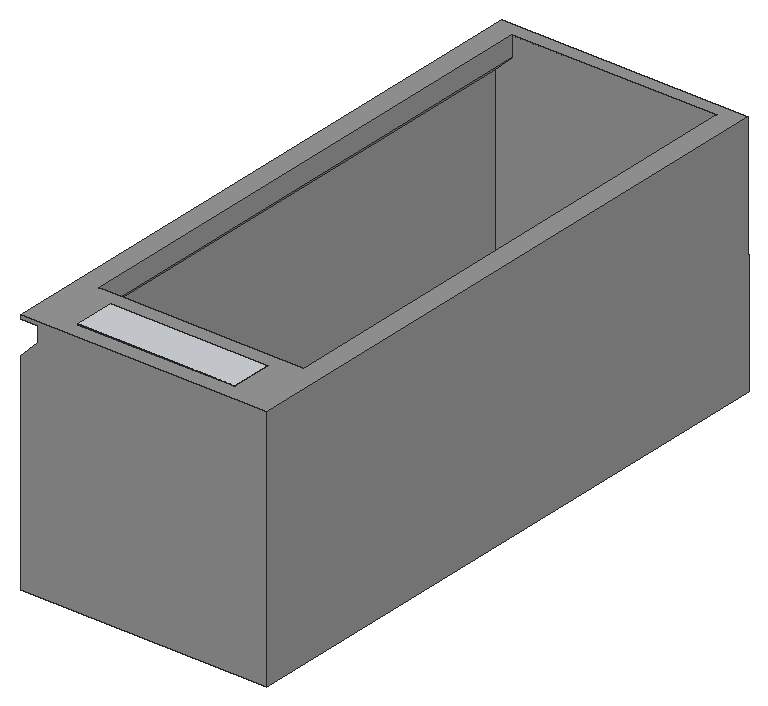
Revit family "Shower_Cabinet-Willoughby-US-3636-FA-R", category Plumbing Fixtures, Revit 2015
Parameters (values of type "Standard")
  Waste Radius = Waste DIA / 2  # 1"
  Waste DIA = 2"
  Waste Connection = yes
  Vent Connection = no
  URL = "https://www.willoughby-ind.com/wp-content/uploads/2018/01/US-3636-FA.pdf"
  Revision = "A"
  Model = "US-3636-FA-R"
  Manufacturer = "Willoughby Industries"
  HW Connection = no
  HCW Inlet RAD = HCW Inlet DIA / 2  # 1/4"
  HCW Inlet DIA = 1/2"
  HCW Connection = yes
  Fixture Body = Stainless Steel AISI 304-Willoughby
  Description = "US 36\" X 36\" Cabinet Shower Front Access, Right Hand"
  Default Elevation = 0' - 0"
  Contact info = "(800) 428-4065"
  CW Connection = no
Reference planes (in)
  plane 1 "Center (Front/Back)": y = 0
  plane 2: z = 0
  plane 3 "Center (Left/Right)": x = 0
  plane 4: y = 88
  plane 5: x = -18
  plane 6: x = 18
  plane 7: z = 36
  plane 8: z = 18
  plane 9 "Waste Height": y = 6.5
Forms (in)
  Extrusion 1, solid, material "Stainless Steel AISI 304-Willoughby" <- "Fixture Body"
    sketch origin (0, 0, 0) x (1, 0, 0) y (0, 0, 1)
      loop
        line (-18, 0) -> (18, 0) -> (18, 36) -> (-18, 36) -> (-18, 35.5) -> (-15.5, 35.5) -> (-15.5, 33.20711) -> (-18, 30.70711) -> (-18, 0)
    from 0 to -88
  Extrusion 2, void, detail levels fine
    sketch origin (0, 0, 0) x (1, 0, 0) y (0, 0, 1)
      loop
        line (17.5, 0.5) -> (17.5, 30.5) -> (15, 33) -> (15, 36) -> (-15, 36) -> (-15, 33) -> (-17.5, 30.5) -> (-17.5, 0.5) -> (17.5, 0.5)
    from -10.5 to -86
  Extrusion 3, void, detail levels fine
    sketch origin (0, 0, 0) x (1, 0, 0) y (0, 0, 1)
      loop
        line (17.5, 0.5) -> (17.5, 30.5) -> (15, 33) -> (-15, 33) -> (-17.5, 30.5) -> (-17.5, 0.5) -> (17.5, 0.5)
    from -9 to -10.5
  Extrusion 4, void, detail levels fine
    sketch origin (0.89838, 0, 3.72188) x (1, 0, 0) y (0, 0, 1)
      loop
        circle (-0.89838, 14.27812) r 2
    from -8.61062 to -9
  Extrusion 5, solid, material "Stainless Steel AISI 304-Willoughby" <- "Fixture Body", detail levels fine
    sketch origin (0, 0, 0) x (1, 0, 0) y (0, 1, 0)
      loop
        circle (0, 6.5) r 1
    from 0 to 5.55813
  Extrusion 6, solid, material "Stainless Steel AISI 304-Willoughby" <- "Fixture Body"
    sketch origin (17.12132, 0, 30.87868) x (0.707107, 0, -0.707107) y (0, -1, 0)
      loop
        circle (-1.23223, -81) r 0.75
    from 0 to 2
  Extrusion 7, solid
    sketch origin (0, 0, 0) x (1, 0, 0) y (0, 0, 1)
      loop
        line (0, 36) -> (11.5, 36) -> (11.5, 36.075) -> (-11.5, 36.075) -> (-11.5, 36) -> (0, 36)
    from -2.375 to -8.375
Cuts and joins
  Extrusion 2, Extrusion 3, Extrusion 4 cuts Extrusion 1
Lines and regions (in)
  model lines, detail levels coarse+medium
    curve 1: line (-18, 0, 0) -> (18, 0, 0)
    curve 2: line (18, 0, 0) -> (18, 0, 36)
    curve 3: line (18, 0, 36) -> (-18, 0, 36)
    curve 4: line (-18, 0, 36) -> (-18, 0, 35.5)
    curve 5: line (-18, 0, 35.5) -> (-15.5, 0, 35.5)
    curve 6: line (-15.5, 0, 35.5) -> (-15.5, 0, 33.20711)
    curve 7: line (-15.5, 0, 33.20711) -> (-18, 0, 30.70711)
    curve 8: line (-18, 0, 30.70711) -> (-18, 0, 0)
    curve 24: line (0, 88, 0) -> (0, 88, 36)
    curve 25: line (0, 0, 36) -> (0, 0, 0)
  model lines, detail levels medium
    curve 9: line (-15, 0, 36) -> (-15, 0, 33)
    curve 10: line (-15, 0, 33) -> (-17.5, 0, 30.5)
    curve 11: line (-17.5, 0, 30.5) -> (-17.5, 0, 0.5)
    curve 12: line (-17.5, 0, 0.5) -> (17.5, 0, 0.5)
    curve 13: line (17.5, 0, 0.5) -> (17.5, 0, 30.5)
    curve 14: line (17.5, 0, 30.5) -> (15, 0, 33)
    curve 15: line (15, 0, 33) -> (15, 0, 36)
    curve 16: line (15.36612, 0, 29.80546) -> (14.30546, 0, 30.86612)
    curve 17: line (14.30546, 0, 30.86612) -> (15.71967, 0, 32.28033)
    curve 18: line (15.36612, 0, 29.80546) -> (16.78033, 0, 31.21967)
    curve 19: circle (0, 0, 18) r 2 normal (0, -1, 0)
    curve 20: line (15, 0, 33) -> (-15, 0, 33)
    curve 21: line (0.75, 0, 0.87743) -> (-0.75, 0, 0.87743)
    curve 22: line (-0.75, 0, 0.87743) -> (-0.75, 0, 0.5)
    curve 23: line (0.75, 0, 0.87743) -> (0.75, 0, 0.5)
    curve 26: line (0, 10.5, 36) -> (0, 10.5, 33)
    curve 27: line (0, 9, 33) -> (0, 9, 0.5)
    curve 28: line (0, 86, 0.5) -> (0, 86, 36)
    curve 29: line (0, 51.75, 0.87743) -> (0, 50.25, 0.87743)
    curve 30: line (0, 50.25, 0.87743) -> (0, 50.25, 0.5)
    curve 31: line (0, 51.75, 0.87743) -> (0, 51.75, 0.5)
    curve 32: spline (0, 80.25, 31.75) -> (0, 80.27556, 31.88726) -> (0, 80.35048, 32.01517) -> (0, 80.46967, 32.125) -> (0, 80.625, 32.20928) -> (0, 80.80589, 32.26226) -> (0, 81, 32.28033) -> (0, 81.19411, 32.26226) -> (0, 81.375, 32.20928) -> (0, 81.53033, 32.125) -> (0, 81.64952, 32.01517) -> (0, 81.72444, 31.88726) -> (0, 81.75, 31.75)
    curve 33: spline (0, 80.25, 30.33579) -> (0, 80.27556, 30.19853) -> (0, 80.35048, 30.07062) -> (0, 80.46967, 29.96079) -> (0, 80.625, 29.87651) -> (0, 80.80589, 29.82353) -> (0, 81, 29.80546) -> (0, 81.19411, 29.82353) -> (0, 81.375, 29.87651) -> (0, 81.53033, 29.96079) -> (0, 81.64952, 30.07062) -> (0, 81.72444, 30.19853) -> (0, 81.75, 30.33579)
    curve 34: line (0, 80.25, 30.33579) -> (0, 80.25, 31.75)
    curve 35: line (0, 81.75, 31.75) -> (0, 81.75, 30.33579)
    curve 36: line (0, 81.75, 30.5) -> (0, 86, 30.5)
    curve 37: spline (0, 81.75, 30.33579) -> (0, 81.72444, 30.47301) -> (0, 81.64952, 30.60088) -> (0, 81.53033, 30.71069) -> (0, 81.375, 30.79495) -> (0, 81.19411, 30.84791) -> (0, 81, 30.86598) -> (0, 80.80589, 30.84791) -> (0, 80.625, 30.79495) -> (0, 80.46967, 30.71069) -> (0, 80.35048, 30.60088) -> (0, 80.27556, 30.47301) -> (0, 80.25, 30.33579)
  symbolic lines
    curve 38: line (-18, 0, 0) -> (-18, 88, 0)
    curve 39: line (-18, 88, 0) -> (18, 88, 0)
    curve 40: line (18, 88, 0) -> (18, 0, 0)
    curve 41: line (18, 0, 0) -> (-18, 0, 0)
    curve 54: line (-18, 0, 0) -> (18, 0, 0)
    curve 55: line (18, 0, 0) -> (18, 0, 36)
    curve 56: line (18, 0, 36) -> (-18, 0, 36)
    curve 57: line (-18, 0, 36) -> (-18, 0, 35.5)
    curve 58: line (-18, 0, 35.5) -> (-15.5, 0, 35.5)
    curve 59: line (-15.5, 0, 35.5) -> (-15.5, 0, 33.20711)
    curve 60: line (-15.5, 0, 33.20711) -> (-18, 0, 30.70711)
    curve 61: line (-18, 0, 30.70711) -> (-18, 0, 0)
    curve 62: line (0, 0, 0) -> (0, 88, 0)
    curve 63: line (0, 88, 0) -> (0, 88, 36)
    curve 64: line (0, 88, 36) -> (0, 0, 36)
    curve 65: line (0, 0, 36) -> (0, 0, 0)
    curve 66: line (0, 0, 30.70711) -> (0, 88, 30.70711)
    curve 67: line (0, 88, 33.20711) -> (0, 0, 33.20711)
    curve 68: line (0, 0, 35.5) -> (0, 88, 35.5)
  symbolic lines, detail levels medium+fine
    curve 42: line (-17.5, 9, 0) -> (-17.5, 86, 0)
    curve 43: line (-17.5, 86, 0) -> (17.5, 86, 0)
    curve 44: line (17.5, 86, 0) -> (17.5, 9, 0)
    curve 45: line (17.5, 9, 0) -> (-17.5, 9, 0)
    curve 46: line (-15.5, 0, 0) -> (-15.5, 88, 0)
    curve 47: line (-15, 9, 0) -> (-15, 86, 0)
    curve 48: line (15, 86, 0) -> (15, 9, 0)
    curve 49: line (15, 10.5, 0) -> (-15, 10.5, 0)
  symbolic lines, detail levels fine
    curve 50: circle (0, 51, 0) r 0.75 normal (0, 0, 1)
    curve 51: line (15, 81.75, 0) -> (14.75, 81.75, 0)
    curve 52: line (15, 80.25, 0) -> (14.75, 80.25, 0)
    curve 53: spline (14.75, 81.75, 0) -> (14.63494, 81.72444, 0) -> (14.52773, 81.64952, 0) -> (14.43566, 81.53033, 0) -> (14.36501, 81.375, 0) -> (14.3206, 81.19411, 0) -> (14.30546, 81, 0) -> (14.3206, 80.80589, 0) -> (14.36501, 80.625, 0) -> (14.43566, 80.46967, 0) -> (14.52773, 80.35048, 0) -> (14.63494, 80.27556, 0) -> (14.75, 80.25, 0)
Dimensions and locks (in)
  plane 3 "Center (Left/Right)" to plane 5 = 1' - 6"
  plane 6 to plane 3 "Center (Left/Right)" = 1' - 6"
  plane 4 to cut or joined group of Extrusion 1, Extrusion 2, Extrusion 3, Extrusion 4 = 0' - 2"
  cut or joined group of Extrusion 1, Extrusion 2, Extrusion 3, Extrusion 4 to cut or joined group of Extrusion 1, Extrusion 2, Extrusion 3, Extrusion 4 = 0' - 10 1/2"
  cut or joined group of Extrusion 1, Extrusion 2, Extrusion 3, Extrusion 4 to plane 6 = 0' - 0 1/2"
  locked: cut or joined group of Extrusion 1, Extrusion 2, Extrusion 3, Extrusion 4 to cut or joined group of Extrusion 1, Extrusion 2, Extrusion 3, Extrusion 4 at 3
  cut or joined group of Extrusion 1, Extrusion 2, Extrusion 3, Extrusion 4 to plane 1 "Center (Front/Back)" = 0' - 9"
  level to plane 8 = 1' - 6"
  plane 1 "Center (Front/Back)" to plane 9 "Waste Height" = 0' - 6 1/2"
  Extrusion 6 sketch curve to cut or joined group of Extrusion 1, Extrusion 2, Extrusion 3, Extrusion 4 = 6' - 0"
  cut or joined group of Extrusion 1, Extrusion 2, Extrusion 3, Extrusion 4 to Extrusion 6 = 6' - 0"
  plane 1 "Center (Front/Back)" to plane 4 = 7' - 4"
  locked: plane 9 "Waste Height" to cut or joined group of Extrusion 1, Extrusion 2, Extrusion 3, Extrusion 4 at 2.5
  locked: plane 5 to plane 6 at 36
  angle cut or joined group of Extrusion 1, Extrusion 2, Extrusion 3, Extrusion 4 to cut or joined group of Extrusion 1, Extrusion 2, Extrusion 3, Extrusion 4 = 135.00°
  aligned and locked: Extrusion 1 to plane 4
  aligned: plane 5 to Extrusion 1
  aligned and locked: Extrusion 1 to plane 6
  aligned and locked: plane 7 to Extrusion 1
  aligned and locked: cut or joined group of Extrusion 1, Extrusion 2, Extrusion 3, Extrusion 4 to cut or joined group of Extrusion 1, Extrusion 2, Extrusion 3, Extrusion 4  (x3)
  aligned and locked: curve 19 to cut or joined group of Extrusion 1, Extrusion 2, Extrusion 3, Extrusion 4
  aligned and locked: level to cut or joined group of Extrusion 1, Extrusion 2, Extrusion 3, Extrusion 4
Connectors (in)
  piping at (0, 6.5, 0), diameter 2, driven by "Waste Connection"
    settings: on Extrusion 5, index 2, connector inside diameter 2", connector length 0' - 0", flow factor 0, pipe flow 0 GPM, pressure drop 0.00 psi, fitting loss kfactor 0, connector angle 0.00°, fixture units 0, engagement length 0' - 0", angle of deflection 0.00°, flow configuration 0, flow direction 2, fitting loss method 0, system type 16, joint type 0, gender type 0, connector reference index -1, connector utility 1, adjustable connector yes, is connector primary yes, connector description "Shower Drain"
